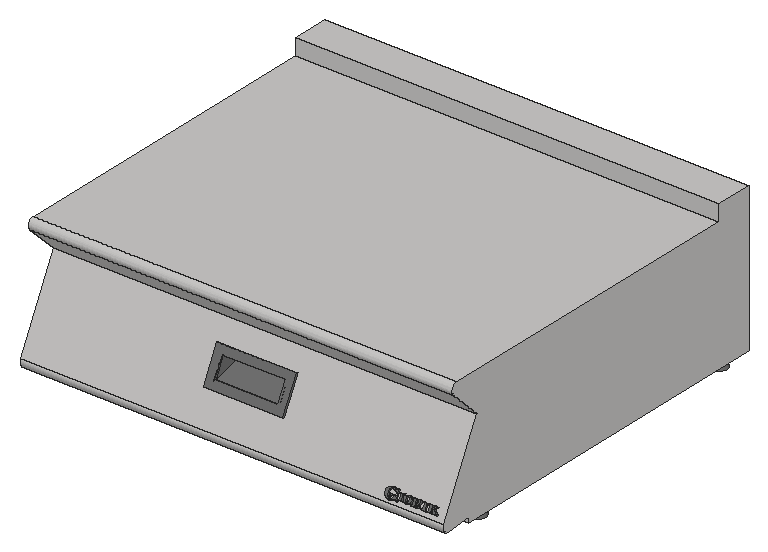
Revit family "QF_GIORIK_EN74CT", category Specialty Equipment, Revit 2014
Parameters (values of type "EN74CT")
  Weight in Pounds = 0
  URL Cutsheet = "www.giorik.com"
  URL = "www.giorik.com"
  Status [instance] = ""
  Specification by User [instance] = ""
  Specification by Manufacturer = ""
  Show Logo [instance] = yes
  Show Clearance [instance] = yes
  Serial Number = ""
  Seismic Rating = ""
  SMACNA No = ""
  Revision Code [instance] = ""
  NAFEM Spec ID Number = ""
  Model = "EN74CT"
  Masterspec = ""
  Manufacturer = "GIORIK"
  Item Number [instance] = ""
  Installed By [instance] = ""
  Identify Quantity as Lot [instance] = no
  Furnished By [instance] = ""
  Foodservice Equipment Identifier [instance] = yes
  Description = "NEUTRAL UNIT"
  CSI MasterFormat = ""
  Assembly Code = "E1090320"
Reference planes
  plane 1 "Back": y = 0
  plane 2: z = 0
  plane 3 "Left": x = 0
  plane 4 "Right": x = 800
  plane 5 "Front": y = -720
  plane 6 "Top": z = 300
Forms (mm)
  Extrusion 1, solid, visible <- "Show Logo"
    sketch origin (591.604, -736.761, 9.486) x (-1, 0, 0) y (0, 0.452718, 0.891654)
      loop
        line (-118.824, 58.358) -> (-127.804, 58.358) -> (-125.523, 56.445) -> (-125.523, 48.027) -> (-127.804, 46.113) -> (-118.824, 46.113) -> (-121.105, 48.027) -> (-121.105, 56.445) -> (-118.824, 58.358)
      loop
        line (-163.721, 58.358) -> (-172.7, 58.358) -> (-170.42, 56.445) -> (-170.42, 48.027) -> (-172.7, 46.113) -> (-163.721, 46.113) -> (-166.001, 48.027) -> (-166.001, 56.445) -> (-163.721, 58.358)
      loop
        line (-174.332, 58.358) -> (-183.312, 58.358) -> (-181.031, 56.445) -> (-181.031, 52.435) -> (-186.419, 56.955) -> (-184.416, 58.358) -> (-191.268, 58.358) -> (-188.01, 56.839) -> (-185.455, 54.283) -> (-190.846, 47.858) -> (-193.396, 46.93) -> (-193.396, 46.113) -> (-184.416, 46.113) -> (-185.437, 47.571) -> (-182.443, 51.552) -> (-181.031, 50.894) -> (-181.031, 48.027) -> (-183.312, 46.113) -> (-174.332, 46.113) -> (-176.613, 48.027) -> (-176.613, 56.445) -> (-174.332, 58.358)
      loop
        line (-115.429, 62.063) -> (-115.429, 54.198)
        arc (-115.429, 54.198) -> (-111.618, 57.803) -> (-106.847, 59.986) r 16.039
        arc (-106.847, 59.986) -> (-103.314, 59.837) -> (-100.512, 57.68) r 5.851
        arc (-100.512, 57.68) -> (-98.815, 52.267) -> (-100.512, 46.853) r 9.479
        arc (-100.512, 46.853) -> (-102.406, 44.986) -> (-104.846, 43.93) r 7.236
        arc (-104.846, 43.93) -> (-107.728, 44.111) -> (-110.052, 45.825) r 5.11
        line (-110.052, 45.825) -> (-110.052, 52.001) -> (-116.141, 52.001) -> (-116.141, 45.503) -> (-117.893, 43.751) -> (-114.094, 44.769)
        arc (-114.094, 44.769) -> (-112.56, 44.947) -> (-111.129, 44.366) r 3.115
        arc (-111.129, 44.366) -> (-104.216, 42.091) -> (-97.303, 44.366) r 11.641
        arc (-97.303, 44.366) -> (-93.396, 52.107) -> (-97.303, 59.849) r 9.622
        arc (-97.303, 59.849) -> (-104.369, 62.174) -> (-111.435, 59.849) r 11.898
        line (-111.435, 59.849) -> (-115.429, 62.063)
      loop
        arc (-129.234, 56.068) -> (-135.893, 58.628) -> (-142.552, 56.068) r 9.941
        arc (-142.552, 56.068) -> (-144.234, 52.286) -> (-142.552, 48.505) r 5.093
        arc (-142.552, 48.505) -> (-135.893, 45.945) -> (-129.234, 48.505) r 9.941
        arc (-129.234, 48.505) -> (-127.552, 52.286) -> (-129.234, 56.068) r 5.093
      loop
        arc (-132.628, 54.403) -> (-135.893, 57.668) -> (-139.158, 54.403) r 3.265
        line (-139.158, 54.403) -> (-139.158, 50.169)
        arc (-139.158, 50.169) -> (-135.893, 46.904) -> (-132.628, 50.169) r 3.265
        line (-132.628, 50.169) -> (-132.628, 54.403)
      loop
        arc (-156.363, 58.365) -> (-159.647, 55.081) -> (-156.363, 51.796) r 3.285
        line (-156.363, 51.796) -> (-159.529, 47.306) -> (-162.087, 46.113) -> (-155.847, 46.113) -> (-153.529, 51.083) -> (-150.637, 51.083) -> (-150.637, 47.784) -> (-153.022, 46.113) -> (-144.011, 46.113) -> (-146.094, 47.68) -> (-146.094, 56.493) -> (-144.229, 58.365) -> (-156.363, 58.365)
      loop
        line (-150.637, 57.512) -> (-153.637, 57.512)
        arc (-153.637, 57.512) -> (-156.237, 54.912) -> (-153.637, 52.312) r 2.6
        line (-153.637, 52.312) -> (-150.637, 52.312) -> (-150.637, 57.512)
      loop
        line (-108.924, 52.001) -> (-104.936, 49.005) -> (-100.948, 52.001) -> (-108.924, 52.001)
    from 1.5 to -0.5
  Extrusion 2, solid
    sketch origin (0, 1000, -620) x (0, 1, 0) y (0, 0, 1)
      loop
        line (-1000, 919.988) -> (-1070, 919.988) -> (-1070, 889.988) -> (-1688.806, 889.988)
        arc (-1688.806, 889.988) -> (-1699.151, 883.075) -> (-1696.724, 870.873) r 11.197
        line (-1696.724, 870.873) -> (-1640.876, 815.025) -> (-1718.948, 661.258)
        arc (-1718.948, 661.258) -> (-1718.233, 650.105) -> (-1708.118, 645.354) r 10.981
        line (-1708.118, 645.354) -> (-1660, 649.925) -> (-1660, 640) -> (-1000, 640) -> (-1000, 919.988)
    from 0 to 800
  Extrusion 3, solid, visible <- "Show Clearance", detail levels coarse
    sketch origin (0, 45, -368) x (0, 1, 0) y (0, 0, 1)
      loop
        line (-685, 388) -> (-685, 563) -> (-1220, 563) -> (-1220, 388) -> (-685, 388)
    from 0 to 800
  Extrusion 4, solid
    sketch origin (400, -320.043, -686.16) x (0, 0.891654, -0.452718) y (0, 0.452718, 0.891654)
      loop
        line (-642, 585) -> (-685, 545) -> (-681.85, 545) -> (-642, 582.07) -> (-642, 585)
    from -60 to 60
  Extrusion 5, solid
    sketch origin (0, -930.826, -376.048) x (1, 0, 0) y (0, 0.452718, 0.891654)
      loop
        line (340, 585) -> (340, 545) -> (460, 545) -> (460, 585) -> (340, 585)
      loop
        line (325, 600) -> (325, 530) -> (475, 530) -> (475, 600) -> (325, 600)
    from 0 to 2
  Extrusion 6, solid
    sketch origin (0, -320.043, -686.16) x (1, 0, 0) y (0, 0.452718, 0.891654)
      loop
        line (338, 587) -> (338, 543) -> (462, 543) -> (462, 587) -> (338, 587)
      loop
        line (340, 585) -> (340, 545) -> (460, 545) -> (460, 585) -> (340, 585)
    from 642 to 685
  Extrusion 7, void
    sketch origin (100, 0, -600) x (0, 1, 0) y (0, 0, 1)
      loop
        line (-624.993, 726.999) -> (-665.08, 747.353) -> (-685, 708.12) -> (-644.912, 687.766) -> (-624.993, 726.999)
    from 238 to 362
  Extrusion 8, solid
    sketch origin (543.603, 45.293, -30) x (0, 1, 0) y (-1, 0, 0)
      loop
        circle (-79.293, 516.603) r 5
    from 41.965 to 50
  Revolve 9, solid
    sketch origin (27, 49.943, -600) x (0, 1, 0) y (0, 0, 1)
      loop
        line (-83.943, 611.965) -> (-94.752, 611.965) -> (-97.943, 600) -> (-83.943, 600) -> (-83.943, 611.965)
      axis (-83.943, 611.965) -> (-83.943, 600)
    angle from 0 to 360
  Extrusion 10, solid
    sketch origin (543.603, -524.707, -30) x (0, 1, 0) y (-1, 0, 0)
      loop
        circle (-79.293, 516.603) r 5
    from 41.965 to 50
  Revolve 11, solid
    sketch origin (27, -520.057, -600) x (0, 1, 0) y (0, 0, 1)
      loop
        line (-83.943, 611.965) -> (-94.752, 611.965) -> (-97.943, 600) -> (-83.943, 600) -> (-83.943, 611.965)
      axis (-83.943, 611.965) -> (-83.943, 600)
    angle from 0 to 360
  Extrusion 12, solid
    sketch origin (256.397, 45.293, -30) x (0, 1, 0) y (-1, 0, 0)
      loop
        circle (-79.293, -516.603) r 5
    from 41.965 to 50
  Revolve 13, solid
    sketch origin (773, 49.943, -600) x (0, 1, 0) y (0, 0, -1)
      loop
        line (-83.943, -611.965) -> (-83.943, -600) -> (-97.943, -600) -> (-94.752, -611.965) -> (-83.943, -611.965)
      axis (-83.943, -611.965) -> (-83.943, -600)
    angle from 0 to 360
  Extrusion 14, solid
    sketch origin (256.397, -524.707, -30) x (0, 1, 0) y (-1, 0, 0)
      loop
        circle (-79.293, -516.603) r 5
    from 41.965 to 50
  Revolve 15, solid
    sketch origin (773, -520.057, -600) x (0, 1, 0) y (0, 0, -1)
      loop
        line (-83.943, -611.965) -> (-83.943, -600) -> (-97.943, -600) -> (-94.752, -611.965) -> (-83.943, -611.965)
      axis (-83.943, -611.965) -> (-83.943, -600)
    angle from 0 to 360
Cuts and joins
  Extrusion 7 cuts Extrusion 2
Lines and regions (mm)
  symbolic lines, style "200-EquipBorder-2D"
    curve 1: line (0, -720, 0) -> (800, -720, 0)
    curve 2: line (800, -720, 0) -> (800, 0, 0)
    curve 3: line (800, 0, 0) -> (0, 0, 0)
    curve 4: line (0, 0, 0) -> (0, -720, 0)
  symbolic lines, style "QF_Door-Drawer Clearances", visible <- "Show Clearance", detail levels coarse
    curve 5: line (0, -720, 0) -> (0, -1175, 0)
    curve 6: line (0, -1175, 900) -> (800, -1175, 900)
    curve 7: line (800, -1175, 900) -> (800, -720, 900)
  symbolic lines, style "200-EquipInternal-2D"
    curve 8: line (0, -70, 300) -> (800, -70, 300)
Dimensions and locks
  plane 3 "Left" to plane 4 "Right" = 800 mm
  plane 5 "Front" to plane 1 "Back" = 720 mm
  plane 4 "Right" to plane 3 "Left" = 800 mm
  plane 1 "Back" to plane 5 "Front" = 720 mm
  plane 6 "Top" to level = 300 mm  (x2)
  aligned and locked: level to plane 2
